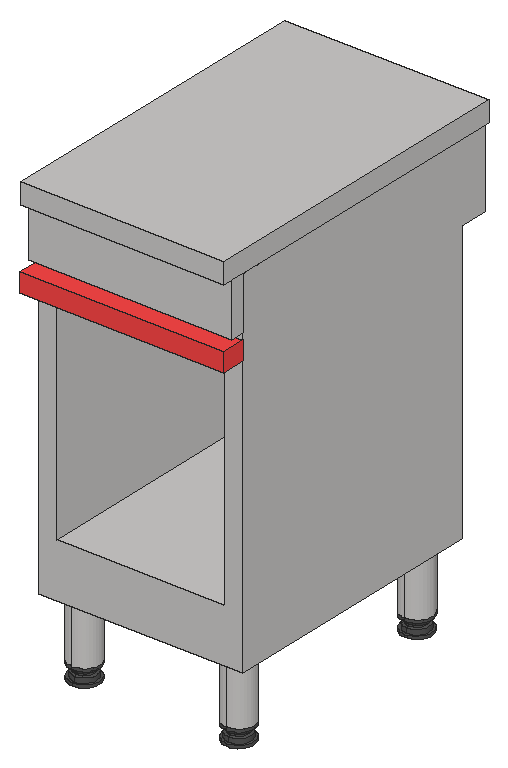
Revit family "ADB Armoire de rangement CMA 400 P", category Equipement spécialisé, Revit 2022
Family settings
  Cote de connecteur circulaire = Utiliser le diamètre
  Type d'élément = Normal
  Numéro OmniClass = 23.40.40.14.17.11
  Titre OmniClass = Cookers, Ovens, Stoves
  Basée sur le plan de construction = Non
  Toujours verticalement = Oui
  Couper avec des vides une fois chargée = Non
  Conserver l'orientation des annotations = Non
  Partagée = Non
  Repère de localisation dans la pièce = Non
Parameters (values of type "CMA 400 P")
  URL catalogue = "https://www.ambassade-de-bourgogne.com/fr/produits/armoires/Resources/N25-CMA_400_P.pdf"
  URL = "https://www.ambassade-de-bourgogne.com/fr/produits/armoires/Resources/N25-CMA_400_P.pdf"
  Type article = ""
  Spécification du Fabricant = ""
  Porte inversée [instance] = no
  Profondeur [instance] = 652 mm + if(Dosseret DSA 400, 50 mm, 0 mm) + if(Porte CPM 400, 53 mm, 0 mm)  # 652 mm
  Porte CPM 400 [instance] = no
  Poids net à vide [instance] = 41.00 kg + if(Dosseret DSA 400, 1.00 kg, 0.00 kg) + if(Porte CPM 400, 5.00 kg, 0.00 kg)  # 41.00 kg
  Modèle = "CMA 400 P"
  Longueur [instance] = 400 mm  # constant formula
  Hauteur [instance] = 900 mm + if(Dosseret DSA 400, 100 mm, 0 mm)  # 900 mm
  Fabricant = "Société Industrielle de Lacanche"  # constant formula
  Elévation par défaut = 0 mm
  Echelles ECH 400 [instance] = no
  Dosseret DSA 400 [instance] = no
  Dosseret [instance] = if(Dosseret DSA 400, 50 mm, 0 mm)  # 0 mm
  Description = "Armoire de rangement"
  Connecteurs [instance] = yes
  Commentaires du type = "Gamme Ambassade - Armoires - Armoire de rangement"
Reference planes
  plane 1 "Centre (avant/arrière)": y = 0
  plane 2: z = 0
  plane 3 "Centre (gauche/droite)": x = 0
  plane 4 "gauche": x = -200
  plane 5 "droite": x = 200
  plane 6 "fond de meuble": y = 325
  plane 7 "avant": y = -325
  plane 8 "arrière": y = 325
  plane 9: z = 900
  plane 10: y = -327
Forms (mm)
  Extrusion 1, solid, detail levels coarse
    sketch origin (0, 0, 0) x (1, 0, 0) y (0, 1, 0)
      loop
        line (-200, 325.033) -> (-200, -327) -> (200, -327) -> (200, 325.033) -> (-200, 325.033)
    from 0 to 900 <- "Hauteur"
Dimensions and locks
  equal spacing: plane 5 "droite", plane 3 "Centre (gauche/droite)", plane 4 "gauche"
  "Longueur": plane 5 "droite" to plane 4 "gauche"
  plane 6 "fond de meuble" to plane 7 "avant" = 650 mm
  locked: plane 7 "avant" to plane 1 "Centre (avant/arrière)" at 325
  "Dosseret": plane 8 "arrière" to plane 6 "fond de meuble"
  "Hauteur": plane 9 to plane 2
  "Profondeur": plane 8 "arrière" to plane 10
  aligned and locked: level to plane 2
  aligned and locked: plane 3 "Centre (gauche/droite)" to nested 1
  aligned and locked: Extrusion 1 to plane 10
Automatic sketch dimensions
  Extrusion 1 sketch curve to plane 4 "gauche" = 0 mm
  Extrusion 1 sketch curve to plane 5 "droite" = 0 mm
  Extrusion 1 sketch curve to plane 7 "avant" = 2 mm
  plane 8 "arrière" to Extrusion 1 sketch curve = 0.033 mm
Nested families
  nested 1: "Soubassement armoire" at (0, 0, 0), Dosseret <- "Dosseret DSA 400", Porte <- "Porte CPM 400", Porte inversée <- "Porte inversée", Echelle <- "Echelles ECH 400", type "1 armoire", detail levels medium+fine
    with Profondeur 703 mm, Porte inversée no, Porte no, Longueur 400 mm, Hauteur 900 mm, Encombrement Porte standard no, Encombrement Porte inversée no, Echelle no, Décalage poignée 233.5 mm, Dosseret no, Longueur produit 400 mm
Definition of nested family "Soubassement armoire"
  Parameters (values of type "1 armoire")
    Profondeur produit = 650 mm
    Profondeur baie libre = if(Baie libre, Profondeur produit - 68 mm, 1 mm)  # 582 mm
    Porte inversée [instance] = no
    Longueur poignée = 229 mm  # constant formula
    Encombrement Porte inversée [instance] = and(Porte, Porte inversée)  # no
    Encombrement Porte standard [instance] = and(Porte, not(Porte inversée))  # no
    Porte [instance] = no
    Profondeur [instance] = Profondeur produit + if(Dosseret, 50 mm, 0 mm) + 53 mm  # 703 mm
    Longueur produit = 600 mm
    Longueur [instance] = Longueur produit  # 600 mm
    Hauteur produit = 900 mm
    Hauteur [instance] = Hauteur produit + if(Dosseret, 100 mm, 0 mm)  # 900 mm
    Default Elevation = 0 mm
    Echelle [instance] = no
    Décalage poignée [instance] = if(Porte inversée, Longueur, 233.5 mm)  # 233.5 mm
    Dosseret [instance] = no
    Baie libre = yes
  Reference planes
    plane 1 "Centre (avant/arrière)": y = 0
    plane 2: z = 0
    plane 3 "Centre (gauche/droite)": x = 0
    plane 4 "Gauche": x = -300
    plane 5 "Arrière": y = 325
    plane 6 "Droite": x = 300
    plane 7 "Avant": y = -325
    plane 8 "dessous meuble": z = 155
    plane 9 "Dessus de plan": z = 900
    plane 10 "Baguette coloré": z = 696
    plane 11 "dessous plan": z = 860
    plane 12 "Face": y = -280
    plane 13 "commande": z = 755
    plane 14 "dessus dosseret": z = 900
    plane 15: y = -377.967
    plane 16: y = 325.033
    plane 17 "Baguette colorë": y = -780
    plane 18: x = -66.5
  Forms (mm)
    Extrusion 1, solid, visible <- "Porte", detail levels medium+fine
      sketch origin (-300, 0, 0) x (0, 1, 0) y (0, 0, 1)
        loop
          line (-325, 155) -> (-280, 155) -> (-280, 696) -> (-325, 696) -> (-325, 155)
      from 0 to 600 <- "Longueur"
    Extrusion 2, solid, detail levels medium+fine
      sketch origin (-300, 0, 0) x (0, 1, 0) y (0, 0, 1)
        loop
          line (-280, 742.5) -> (-327, 742.5) -> (-327, 705) -> (-280, 705) -> (-280, 742.5)
      from 0 to 600 <- "Longueur"
    Extrusion 3, solid, detail levels medium+fine
      sketch origin (-300, 0, 0) x (0, 1, 0) y (0, 0, 1)
        loop
          line (325, 900) -> (-325, 900) -> (-325, 860) -> (325, 860) -> (325, 900)
      from 0 to 600 <- "Longueur"
    Extrusion 4, void
      sketch origin (0, -325, 0) x (-1, 0, 0) y (0, 0, 1)
        loop
          line (266, 679) -> (-266, 679) -> (-266, 261.5) -> (266, 261.5) -> (266, 679)
      from 0 to 582 <- "Profondeur baie libre"
    Extrusion 5, solid, detail levels medium+fine
      sketch origin (-300, 0, 0) x (0, 1, 0) y (0, 0, 1)
        loop
          line (-280, 860) -> (-306, 860) -> (-306, 755) -> (-280, 755) -> (-280, 860)
      from 0 to 600 <- "Longueur"
    Extrusion 6, solid, detail levels medium+fine
      sketch origin (-300, 0, 0) x (0, 1, 0) y (0, 0, 1)
        loop
          line (315, 860) -> (-280, 860) -> (-280, 155) -> (260, 155) -> (260, 707) -> (315, 707) -> (315, 860)
      from 0 to 600 <- "Longueur"
    Revolve 7, solid, detail levels medium+fine
      sketch origin (251.965, 0, 0) x (0, 1, 0) y (0, 0, -1)
        loop
          line (-258.968, -155) -> (-229, -155) -> (-229, 0) -> (-258.492, 0) -> (-258.492, -5) -> (-253.001, -5) -> (-253.001, -13.586) -> (-248.857, -16.488) -> (-248.857, -22) -> (-252.82, -22) -> (-258.968, -28.148) -> (-258.968, -34) -> (-258.968, -155)
        axis (-229, 0) -> (-229, -155)
      angle from 0 to 360
    Revolve 8, solid, detail levels medium+fine
      sketch origin (-251.965, 0, 0) x (0, 1, 0) y (0, 0, 1)
        loop
          line (-258.968, 155) -> (-258.968, 34) -> (-258.968, 28.148) -> (-252.82, 22) -> (-248.857, 22) -> (-248.857, 16.488) -> (-253.001, 13.586) -> (-253.001, 5) -> (-258.492, 5) -> (-258.492, 0) -> (-229, 0) -> (-229, 155) -> (-258.968, 155)
        axis (-229, 0) -> (-229, 155)
      angle from 0 to 360
    Revolve 9, solid, detail levels medium+fine
      sketch origin (-251.965, -20, 0) x (0, -1, 0) y (0, 0, -1)
        loop
          line (-258.968, -155) -> (-229, -155) -> (-229, 0) -> (-258.492, 0) -> (-258.492, -5) -> (-253.001, -5) -> (-253.001, -13.586) -> (-248.857, -16.488) -> (-248.857, -22) -> (-252.82, -22) -> (-258.968, -28.148) -> (-258.968, -34) -> (-258.968, -155)
        axis (-229, 0) -> (-229, -155)
      angle from 0 to 360
    Extrusion 10, solid, visible <- "Dosseret", detail levels medium+fine
      sketch origin (-300, 0, 0) x (0, 1, 0) y (0, 0, 1)
        loop
          line (375.033, 1000) -> (325, 1000) -> (325, 860) -> (375.033, 860) -> (375.033, 1000)
      from 0 to 600 <- "Longueur"
    Revolve 11, solid, detail levels medium+fine
      sketch origin (251.965, -20, 0) x (0, -1, 0) y (0, 0, 1)
        loop
          line (-258.968, 155) -> (-258.968, 34) -> (-258.968, 28.148) -> (-252.82, 22) -> (-248.857, 22) -> (-248.857, 16.488) -> (-253.001, 13.586) -> (-253.001, 5) -> (-258.492, 5) -> (-258.492, 0) -> (-229, 0) -> (-229, 155) -> (-258.968, 155)
        axis (-229, 0) -> (-229, 155)
      angle from 0 to 360
    Extrusion 12, void
      sketch origin (0, 0, 900) x (0, -1, 0) y (1, 0, 0)
        loop
          line (-307.033, -266.567) -> (-293.033, -266.567) -> (-293.033, 266.464) -> (-307.033, 266.464) -> (-307.033, -266.567)
      from 0 to -0.8
    Extrusion 13, solid, detail levels medium+fine
      sketch origin (-300, 260, 155) x (0, 0, 1) y (1, 0, 0)
        loop
          line (65, 454) -> (65, 146) -> (552, 146) -> (552, 454) -> (65, 454)
      from 0 to 35
    Extrusion 14, solid, visible <- "Echelle"
      sketch origin (0, 0, 0) x (1, 0, 0) y (0, 0, 1)
        loop
          line (-266, 648.8) -> (-266, 623.8) -> (-256.5, 623.8) -> (-256.5, 625) -> (-264.8, 625) -> (-264.8, 647.6) -> (-248, 647.6) -> (-248, 648.8) -> (-266, 648.8)
        loop
          line (-266, 548.8) -> (-266, 523.8) -> (-256.5, 523.8) -> (-256.5, 525) -> (-264.8, 525) -> (-264.8, 547.6) -> (-248, 547.6) -> (-248, 548.8) -> (-266, 548.8)
        loop
          line (-266, 448.8) -> (-266, 423.8) -> (-256.5, 423.8) -> (-256.5, 425) -> (-264.8, 425) -> (-264.8, 447.6) -> (-248, 447.6) -> (-248, 448.8) -> (-266, 448.8)
        loop
          line (-266, 348.8) -> (-266, 323.8) -> (-256.5, 323.8) -> (-256.5, 325) -> (-264.8, 325) -> (-264.8, 347.6) -> (-248, 347.6) -> (-248, 348.8) -> (-266, 348.8)
      from -113.466 to 206.5
    Extrusion 15, solid, visible <- "Echelle"
      sketch origin (0, 0, 0) x (-1, 0, 0) y (0, 0, -1)
        loop
          line (-266, -648.8) -> (-248, -648.8) -> (-248, -647.6) -> (-264.8, -647.6) -> (-264.8, -625) -> (-256.5, -625) -> (-256.5, -623.8) -> (-266, -623.8) -> (-266, -648.8)
        loop
          line (-266, -548.8) -> (-248, -548.8) -> (-248, -547.6) -> (-264.8, -547.6) -> (-264.8, -525) -> (-256.5, -525) -> (-256.5, -523.8) -> (-266, -523.8) -> (-266, -548.8)
        loop
          line (-266, -448.8) -> (-248, -448.8) -> (-248, -447.6) -> (-264.8, -447.6) -> (-264.8, -425) -> (-256.5, -425) -> (-256.5, -423.8) -> (-266, -423.8) -> (-266, -448.8)
        loop
          line (-266, -348.8) -> (-248, -348.8) -> (-248, -347.6) -> (-264.8, -347.6) -> (-264.8, -325) -> (-256.5, -325) -> (-256.5, -323.8) -> (-266, -323.8) -> (-266, -348.8)
      from -113.466 to 206.5
  Cuts and joins
    Extrusion 4 cuts Extrusion 6
    Extrusion 12 cuts Extrusion 10
  Lines and regions (mm)
    symbolic lines, visible <- "Encombrement Porte standard"
      curve 1: line (300, -280, 155) -> (300, -880, 155)
      curve 4: arc (-300, -280, 155) -> (-124.264, -704.264, 155) -> (300, -880, 155) r 600
    symbolic lines, visible <- "Encombrement Porte inversée"
      curve 2: line (-300, -280, 155) -> (-300, -880, 155)
      curve 3: arc (300, -280, 155) -> (124.264, -704.264, 155) -> (-300, -880, 155) r 600
  Dimensions and locks
    equal spacing: plane 7 "Avant", plane 1 "Centre (avant/arrière)", plane 5 "Arrière"
    "Profondeur produit": plane 5 "Arrière" to plane 7 "Avant"
    equal spacing: plane 4 "Gauche", plane 3 "Centre (gauche/droite)", plane 6 "Droite"
    "Longueur produit": plane 4 "Gauche" to plane 6 "Droite"
    "Hauteur produit": plane 9 "Dessus de plan" to plane 2
    locked: plane 8 "dessous meuble" to plane 2 at 155
    locked: plane 9 "Dessus de plan" to plane 11 "dessous plan" at 40
    locked: plane 7 "Avant" to plane 12 "Face" at 45
    locked: plane 13 "commande" to plane 10 "Baguette coloré" at 59
    locked: plane 11 "dessous plan" to plane 13 "commande" at 105
    Extrusion 4 sketch curve to plane 8 "dessous meuble" = 106.5 mm
    Extrusion 4 sketch curve to plane 6 "Droite" = 34 mm
    Extrusion 4 sketch curve to plane 4 "Gauche" = 34 mm
    plane 10 "Baguette coloré" to Extrusion 4 sketch curve = 17 mm
    "Hauteur": plane 14 "dessus dosseret" to plane 2
    locked: plane 7 "Avant" to plane 15 at 52.967
    "Profondeur": plane 15 to plane 16
    equal spacing: Extrusion 13 sketch curve, plane 3 "Centre (gauche/droite)", Extrusion 13 sketch curve
    "Décalage poignée": plane 18 to plane 4 "Gauche"
    locked: plane 4 "Gauche" to Revolve 9 at 18.067
    locked: Revolve 11 to plane 6 "Droite" at 18.067
    locked: Revolve 7 to plane 6 "Droite" at 18.067
    locked: plane 4 "Gauche" to Revolve 8 at 18.067
    locked: Revolve 8 to plane 12 "Face" at 21.032
    locked: Revolve 7 to plane 12 "Face" at 21.032
    locked: plane 5 "Arrière" to Extrusion 10 sketch curve at 50.033
    plane 16 to Extrusion 12 sketch curve to Extrusion 12 sketch curve = 18 mm locked, 14 mm locked
    aligned and locked: level to plane 2
    aligned and locked: plane 18 to nested 1
  Automatic sketch dimensions
    Extrusion 1 sketch curve to plane 7 "Avant" = 0 mm
    Extrusion 1 sketch curve to plane 10 "Baguette coloré" = 0 mm
    Extrusion 1 sketch curve to plane 12 "Face" = 0 mm
    Extrusion 1 sketch curve to plane 8 "dessous meuble" = 0 mm
    Extrusion 2 sketch curve to plane 12 "Face" = 0 mm
    Extrusion 2 sketch curve to plane 7 "Avant" = 2 mm
    plane 10 "Baguette coloré" to Extrusion 2 sketch curve = 9 mm
    Extrusion 2 sketch curve to plane 13 "commande" = 12.5 mm
    Extrusion 3 sketch curve to plane 7 "Avant" = 0 mm
    Extrusion 3 sketch curve to plane 5 "Arrière" = 0 mm
    Extrusion 3 sketch curve to plane 11 "dessous plan" = 0 mm
    Extrusion 3 sketch curve to plane 9 "Dessus de plan" = 0 mm
    Extrusion 5 sketch curve to plane 11 "dessous plan" = 0 mm
    Extrusion 5 sketch curve to plane 13 "commande" = 0 mm
    Extrusion 5 sketch curve to plane 12 "Face" = 0 mm
    plane 7 "Avant" to Extrusion 5 sketch curve = 19 mm
    Extrusion 6 sketch curve to plane 11 "dessous plan" = 0 mm
    Extrusion 6 sketch curve to plane 12 "Face" = 0 mm
    Extrusion 6 sketch curve to plane 8 "dessous meuble" = 0 mm
    Extrusion 6 sketch curve to plane 5 "Arrière" = 65 mm
    Extrusion 6 sketch curve to plane 5 "Arrière" = 10 mm
    plane 10 "Baguette coloré" to Extrusion 6 sketch curve = 11 mm
    Revolve 7 sketch curve to plane 8 "dessous meuble" = 0 mm
    Revolve 7 sketch curve to level = 0 mm
    plane 12 "Face" to Revolve 7 sketch curve = 21.032 mm
    plane 12 "Face" to Revolve 7 sketch curve = 21.508 mm
    Revolve 7 sketch curve to Revolve 7 sketch curve = 5.491 mm
    Revolve 7 sketch curve to Revolve 7 sketch curve = 0.181 mm
    Revolve 7 sketch curve to Revolve 7 sketch curve = 3.964 mm
    Revolve 7 sketch curve to Revolve 7 sketch curve = 24.001 mm
    level to Revolve 7 sketch curve = 34 mm
    Revolve 7 sketch curve to Revolve 7 sketch curve = 5.852 mm
    Revolve 7 sketch curve to Revolve 7 sketch curve = 6.148 mm
    Revolve 7 sketch curve to Revolve 7 sketch curve = 5.512 mm
    Revolve 7 sketch curve to Revolve 7 sketch curve = 2.902 mm
    level to Revolve 7 sketch curve = 5 mm
    Revolve 7 sketch curve to Revolve 7 sketch curve = 0 mm
    plane 8 "dessous meuble" to Revolve 7 sketch curve = 19 mm
    Revolve 7 sketch curve to Revolve 7 sketch curve = 12 mm
    Revolve 8 sketch curve to plane 8 "dessous meuble" = 0 mm
    Revolve 8 sketch curve to level = 0 mm
    plane 12 "Face" to Revolve 8 sketch curve = 21.032 mm
    plane 12 "Face" to Revolve 8 sketch curve = 21.508 mm
    Revolve 8 sketch curve to Revolve 8 sketch curve = 5.491 mm
    Revolve 8 sketch curve to Revolve 8 sketch curve = 0.181 mm
    Revolve 8 sketch curve to Revolve 8 sketch curve = 3.964 mm
    Revolve 8 sketch curve to Revolve 8 sketch curve = 24.001 mm
    level to Revolve 8 sketch curve = 5 mm
    Revolve 8 sketch curve to Revolve 8 sketch curve = 8.586 mm
    Revolve 8 sketch curve to Revolve 8 sketch curve = 2.902 mm
    Revolve 8 sketch curve to Revolve 8 sketch curve = 5.512 mm
    Revolve 8 sketch curve to Revolve 8 sketch curve = 6.148 mm
    Revolve 8 sketch curve to Revolve 8 sketch curve = 5.852 mm
    Revolve 8 sketch curve to Revolve 8 sketch curve = 0 mm
    Revolve 8 sketch curve to Revolve 8 sketch curve = 12 mm
    plane 8 "dessous meuble" to Revolve 8 sketch curve = 19 mm
    Revolve 9 sketch curve to plane 8 "dessous meuble" = 0 mm
    Revolve 9 sketch curve to level = 0 mm
    level to Revolve 9 sketch curve = 28.148 mm
    Revolve 9 sketch curve to plane 5 "Arrière" = 86.032 mm
    Revolve 9 sketch curve to Revolve 9 sketch curve = 0.477 mm
    level to Revolve 9 sketch curve = 13.586 mm
    Revolve 9 sketch curve to Revolve 9 sketch curve = 5.491 mm
    Revolve 9 sketch curve to Revolve 9 sketch curve = 0.181 mm
    Revolve 9 sketch curve to Revolve 9 sketch curve = 3.964 mm
    Revolve 9 sketch curve to Revolve 9 sketch curve = 24.001 mm
    Revolve 9 sketch curve to Revolve 9 sketch curve = 5.852 mm
    Revolve 9 sketch curve to Revolve 9 sketch curve = 8.414 mm
    Revolve 9 sketch curve to Revolve 9 sketch curve = 2.902 mm
    level to Revolve 9 sketch curve = 5 mm
    Revolve 9 sketch curve to Revolve 9 sketch curve = 0 mm
    plane 8 "dessous meuble" to Revolve 9 sketch curve = 19 mm
    Revolve 9 sketch curve to Revolve 9 sketch curve = 12 mm
    Extrusion 10 sketch curve to plane 5 "Arrière" = 0 mm
    Extrusion 10 sketch curve to plane 11 "dessous plan" = 0 mm
    plane 9 "Dessus de plan" to Extrusion 10 sketch curve = 100 mm
    curve 3 to plane 6 "Droite" = 0 mm
    curve 3 to plane 4 "Gauche" = 0 mm
    curve 4 to plane 4 "Gauche" = 0 mm
    curve 4 to plane 12 "Face" = 0 mm
    curve 2 to plane 12 "Face" = 0 mm
    curve 3 to plane 12 "Face" = 0 mm
    Revolve 11 sketch curve to plane 8 "dessous meuble" = 0 mm
    Revolve 11 sketch curve to level = 0 mm
    level to Revolve 11 sketch curve = 28.148 mm
    Revolve 11 sketch curve to plane 5 "Arrière" = 86.032 mm
    Revolve 11 sketch curve to Revolve 11 sketch curve = 0.477 mm
    level to Revolve 11 sketch curve = 13.586 mm
    Revolve 11 sketch curve to Revolve 11 sketch curve = 5.491 mm
    Revolve 11 sketch curve to Revolve 11 sketch curve = 0.181 mm
    Revolve 11 sketch curve to Revolve 11 sketch curve = 3.964 mm
    Revolve 11 sketch curve to Revolve 11 sketch curve = 24.001 mm
    level to Revolve 11 sketch curve = 5 mm
    Revolve 11 sketch curve to Revolve 11 sketch curve = 2.902 mm
    Revolve 11 sketch curve to Revolve 11 sketch curve = 5.512 mm
    Revolve 11 sketch curve to Revolve 11 sketch curve = 5.852 mm
    Revolve 11 sketch curve to Revolve 11 sketch curve = 0 mm
    Revolve 11 sketch curve to Revolve 11 sketch curve = 12 mm
    plane 8 "dessous meuble" to Revolve 11 sketch curve = 19 mm
    plane 4 "Gauche" to Extrusion 12 sketch curve = 33.433 mm
    plane 6 "Droite" to Extrusion 12 sketch curve = 33.536 mm
    Extrusion 13 sketch curve to Extrusion 6 = 0 mm
    Extrusion 6 to Extrusion 13 sketch curve = 65 mm
    Extrusion 6 to Extrusion 13 sketch curve = 146 mm
    plane 4 "Gauche" to Extrusion 14 sketch curve = 34 mm  (x4)
    Extrusion 14 sketch curve to Extrusion 14 sketch curve = 1.2 mm  (x12)
    Extrusion 14 sketch curve to Extrusion 14 sketch curve = 8.3 mm  (x4)
    Extrusion 14 sketch curve to Extrusion 14 sketch curve = 16.8 mm  (x4)
    plane 8 "dessous meuble" to Extrusion 14 sketch curve = 168.8 mm
    Extrusion 14 sketch curve to Extrusion 14 sketch curve = 22.6 mm  (x4)
    Extrusion 14 sketch curve to Extrusion 14 sketch curve = 75 mm  (x2)
    Extrusion 14 sketch curve to plane 10 "Baguette coloré" = 72.2 mm
    plane 6 "Droite" to Extrusion 15 sketch curve = 34 mm  (x4)
    Extrusion 15 sketch curve to Extrusion 15 sketch curve = 1.2 mm  (x12)
    Extrusion 15 sketch curve to Extrusion 15 sketch curve = 8.3 mm  (x4)
    Extrusion 15 sketch curve to Extrusion 15 sketch curve = 16.8 mm  (x4)
    Extrusion 15 sketch curve to plane 10 "Baguette coloré" = 47.2 mm
    Extrusion 15 sketch curve to Extrusion 15 sketch curve = 22.6 mm  (x4)
    Extrusion 15 sketch curve to Extrusion 15 sketch curve = 75 mm  (x3)
    curve 1 to plane 6 "Droite" = 0 mm
    curve 1 to plane 12 "Face" = 0 mm
  Nested families
    nested 1: "Poignée" at (-181, -325, 681.933) x (1, 0, 0) z (0, -1, 0), visible <- "Porte", Longueur <- "Longueur poignée", type "Poignée", detail levels fine
      with Longueur 229 mm
  Definition of nested family "Poignée"
    Parameters (values of type "Poignée")
      Longueur [instance] = 800 mm
      Default Elevation = 1219.2 mm
    Reference planes
      plane 1 "Centre (avant/arrière)": y = 0
      plane 2: z = 0
      plane 3 "Centre (gauche/droite)": x = 0
      plane 4: x = -400
      plane 5: x = 400
      plane 6: x = -395
      plane 7: x = 395
    Forms (mm)
      Extrusion 1, solid
        sketch origin (0, 0, 0) x (1, 0, 0) y (0, 1, 0)
          loop
            line (-1219.2, 1219.2) -> (-1219.2, -1219.2) -> (1219.2, -1219.2) -> (1219.2, 1219.2) -> (-1219.2, 1219.2)
        from 0 to -304.8
      Extrusion 2, solid
        sketch origin (0, 0, 0) x (0, 1, 0) y (0, 0, 1)
          loop
            circle (0, 38.995) r 13.972
        from -395 to 395
      Extrusion 3, solid
        sketch origin (0, 0, 0) x (1, 0, 0) y (0, 1, 0)
          loop
            circle (-363.542, 0) r 8.5
          loop
            circle (363.453, 0) r 8.5
        from 0 to 37.089
    Cuts and joins
      joined: Extrusion 2, Extrusion 3
    Dimensions and locks
      equal spacing: plane 4, plane 3 "Centre (gauche/droite)", plane 5
      "Longueur": plane 4 to plane 5
      locked: plane 4 to plane 6 at 5
      locked: plane 7 to plane 5 at 5
      locked: plane 6 to Extrusion 3 sketch curve at 31.458
      locked: Extrusion 3 sketch curve to plane 7 at 31.547
      aligned and locked: plane 2 to Extrusion 1
      aligned and locked: level to Extrusion 1
      aligned and locked: plane 6 to Extrusion 2
      aligned and locked: Extrusion 2 to plane 7
      aligned and locked: plane 1 "Centre (avant/arrière)" to Extrusion 3 sketch curve
    Automatic sketch dimensions
      Extrusion 1 sketch curve to Extrusion 1 sketch curve = 2438.4 mm  (x2)
      Extrusion 2 sketch curve to plane 1 "Centre (avant/arrière)" = 0 mm
      level to Extrusion 2 sketch curve = 38.995 mm
      plane 1 "Centre (avant/arrière)" to Extrusion 3 sketch curve = 0 mm
      radius of Extrusion 2 sketch curve = 13.972 mm
      radius of Extrusion 3 sketch curve = 8.5 mm  (x2)
